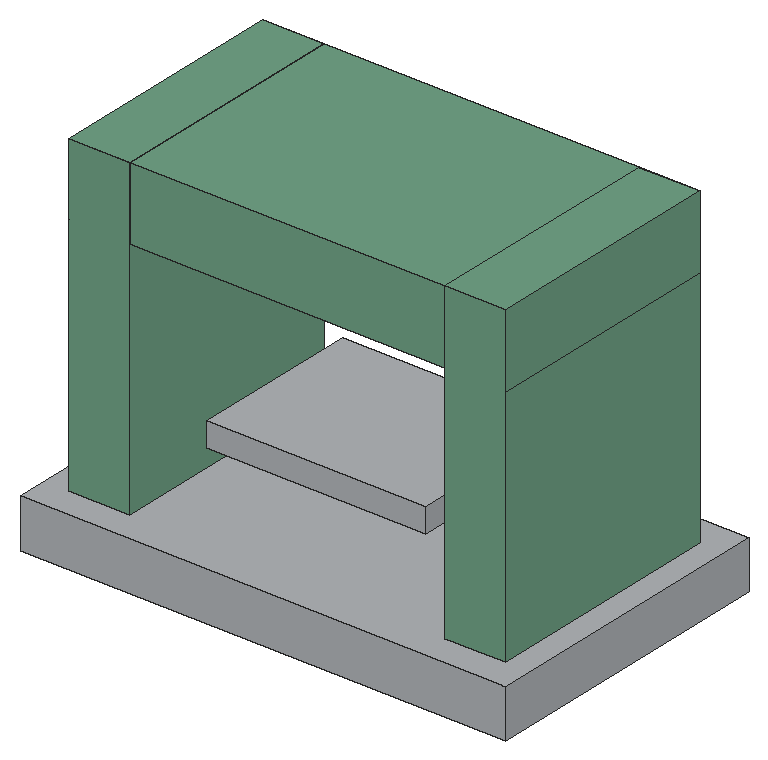
Revit family "LD_Hydraulic Press (Production Machine)", category Mechanical Equipment, Revit 2025
Family settings
  Round Connector Dimension = Use Diameter
  Part Type = Normal
  OmniClass Number = 23.75.00.00
  OmniClass Title = Climate Control (HVAC)
  Work Plane-Based = No
  Always vertical = Yes
  Cut with Voids When Loaded = No
  Maintain Annotation Orientation = No
  Shared = No
  Room Calculation Point = No
Parameters (values of type "45 kW")
  EL Voltage [instance] = 400 V
  EL Number of Poles [instance] = 3
  EL Apparent Load [instance] = 52900 VA
  Default Elevation = 0 mm
Reference planes
  plane 1 "Center (Front/Back)": y = 0
  plane 2: z = 0
  plane 3 "Center (Left/Right)": x = 0
Forms (mm)
  Extrusion 1, solid, material "Machine Steel"
    sketch origin (0, 0, 0) x (1, 0, 0) y (0, 1, 0)
      loop
        line (-2000, -1250) -> (2000, -1250) -> (2000, 1250) -> (-2000, 1250) -> (-2000, -1250)
    from 0 to 400
  Extrusion 2, solid, material "Machine Green"
    sketch origin (0, 0, 400) x (1, 0, 0) y (0, 1, 0)
      loop
        line (-1800, -1000) -> (-1300, -1000) -> (-1300, 1000) -> (-1800, 1000) -> (-1800, -1000)
    from 0 to 2600
  Extrusion 3, solid, material "Machine Green"
    sketch origin (0, 0, 400) x (1, 0, 0) y (0, 1, 0)
      loop
        line (1300, -1000) -> (1800, -1000) -> (1800, 1000) -> (1300, 1000) -> (1300, -1000)
    from 0 to 2600
  Extrusion 4, solid, material "Machine Green"
    sketch origin (0, 0, 2400) x (1, 0, 0) y (0, 1, 0)
      loop
        line (-1800, -1000) -> (1800, -1000) -> (1800, 1000) -> (-1800, 1000) -> (-1800, -1000)
    from 0 to 600
  Extrusion 5, solid, material "Machine Steel"
    sketch origin (0, 0, 900) x (1, 0, 0) y (0, 1, 0)
      loop
        line (-900, -700) -> (900, -700) -> (900, 700) -> (-900, 700) -> (-900, -700)
    from 0 to 200
Dimensions and locks
  aligned and locked: level to plane 2
Connectors
  electrical at (0, 0, 3000), driven by "EL Voltage", driven by "EL Number of Poles", driven by "EL Apparent Load"
    settings: on Extrusion 4, index 1, voltage 400 V, apparent load 52900 VA, apparent load phase1 0 VA, apparent load phase2 0 VA, apparent load phase3 0 VA, power factor 0.85, load classification "Other", number of poles 3, system type 30, power factor state 1, is connector primary yes, connector utility no, sub classification motor no, connector description ""
